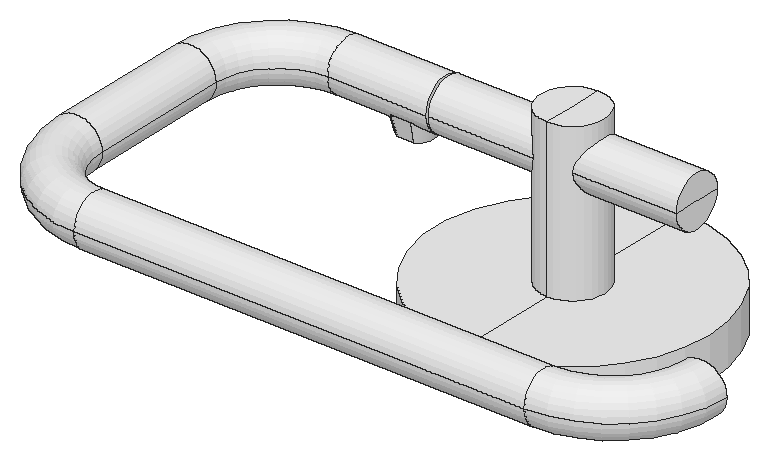
Revit family "Toilet Roll Holder-Single-Caroma Liano", category Specialty Equipment, host Face, Revit 2013
Parameters (values of type "Standard")
  URL = "http://www.caroma.com.au/"
  Type Comments = "Caroma Liano Toilet Roll Holder"  # constant formula
  Model = "96124C"  # constant formula
  Material_ANZRS = Metal-Chrome-Caroma
  Manufacturer = "GWA Bathrooms & Kitchens"  # constant formula
  Length_ANZRS = 147 mm  # constant formula
  Description = ""
  Default Elevation = 500 mm
  CreatedBy_ANZRS = "Design Content"  # constant formula
  CreatedByURL_ANZRS = "www.designcontent.com.au"
  Cost = 0
  Assembly Code = "C1030200"
Reference planes
  plane 1 "Center (Elevation)": y = 0
  plane 2 "Back": z = 0
  plane 3 "Center (Left/Right)": x = 0
  plane 4 "Left": x = -73.485
  plane 5 "Right": x = 73.515
  plane 6 "Bottom": y = -74.5
  plane 7 "Top": y = 29.966
  plane 8 "Front": z = 43
Forms (mm)
  Revolve 1, solid, material "Metal-Chrome-Caroma" <- "Material_ANZRS"
    sketch origin (0, 0, 0) x (0, 1, 0) y (0, 0, 1)
      loop
        line (0, 0) -> (29.966, 0) -> (29.966, 9) -> (6.966, 9) -> (6.966, 43) -> (0, 43) -> (0, 0)
      axis (0, 43) -> (0, 0)
    angle from 0 to 360
  Sweep 2, solid, material "Metal-Chrome-Caroma" <- "Material_ANZRS"
    path origin (0, 0, 0) x (1, 0, 0) y (0, 1, 0)
      loop
        line (-27.5, 0) -> (-48.985, 0)
        arc (-48.985, 0) -> (-62.42, -5.565) -> (-67.985, -19) r 19
        line (-67.985, -19) -> (-67.985, -50)
        arc (-67.985, -50) -> (-62.42, -63.435) -> (-48.985, -69) r 19
        line (-48.985, -69) -> (48.994, -69)
        arc (48.994, -69) -> (62.429, -63.435) -> (67.993, -50) r 19
    profile origin (-38.242, 0, 0) x (0, -1, 0) y (0, 0, 1)
      loop
        circle (0, 33.997) r 5.5
  Revolve 3, solid, material "Metal-Chrome-Caroma" <- "Material_ANZRS"
    sketch origin (0, 0, 33.997) x (1, 0, 0) y (0, 1, 0)
      loop
        line (27, 0) -> (27, 5.5) -> (-27, 5.5) -> (-27, 4) -> (-42, 4) -> (-42, 0) -> (27, 0)
      axis (-42, 0) -> (27, 0)
    angle from 0 to 360
  Blend 4, solid, material "Metal-Chrome-Caroma" <- "Material_ANZRS"
    base sketch origin (0, 0, 0) x (1, 0, 0) y (0, 1, 0)
      loop
        arc (-35.83, 3.099) -> (-37.619, 0) -> (-35.83, -3.099) r 3.579
        line (-35.83, -3.099) -> (-32.063, -3.099)
        arc (-32.063, -3.099) -> (-30.274, 0) -> (-32.063, 3.099) r 3.579
        line (-32.063, 3.099) -> (-35.83, 3.099)
    top sketch origin (0, 0, 0) x (1, 0, 0) y (0, 1, 0)
      loop
        arc (-36.194, 4.599) -> (-39.119, 0) -> (-36.194, -4.599) r 5.079
        line (-36.194, -4.599) -> (-31.698, -4.599)
        arc (-31.698, -4.599) -> (-28.774, 0) -> (-31.698, 4.599) r 5.079
        line (-31.698, 4.599) -> (-36.194, 4.599)
    from 26.003 to 31.5
Cuts and joins
  joined: Revolve 1, Sweep 2, Revolve 3, Blend 4
Dimensions and locks
  "Length_ANZRS": plane 4 "Left" to plane 5 "Right"
  aligned and locked: plane 2 "Back" to host face
  aligned and locked: level to host face
Automatic sketch dimensions
  host sketch curve to host sketch curve = 2438.4 mm  (x2)
  level to Sweep 2 sketch curve = 33.997 mm
  Sweep 2 sketch curve to profile plane = 0 mm
  Revolve 1 sketch curve to plane 8 "Front" = 0 mm
  Revolve 1 sketch curve to plane 7 "Top" = 0 mm
  level to Revolve 1 sketch curve = 9 mm
  Revolve 1 sketch curve to plane 1 "Center (Elevation)" = 0 mm  (x2)
  Revolve 1 sketch curve to level = 0 mm
  Revolve 1 sketch curve to plane 1 "Center (Elevation)" = 6.966 mm
  Revolve 1 sketch curve to Revolve 1 sketch curve = 24.096 mm
  Revolve 1 sketch curve to Revolve 1 sketch curve = 7.879 mm
  plane 1 "Center (Elevation)" to Sweep 2 sketch curve = 0 mm
  plane 4 "Left" to Sweep 2 sketch curve = 5.5 mm
  Sweep 2 sketch curve to plane 6 "Bottom" = 5.5 mm
  plane 4 "Left" to Sweep 2 sketch curve = 24.5 mm  (x2)
  Sweep 2 sketch curve to plane 5 "Right" = 24.521 mm
  Sweep 2 sketch curve to Sweep 2 sketch curve = 21.485 mm
  Sweep 2 sketch curve to plane 5 "Right" = 5.522 mm
  Sweep 2 sketch curve to Sweep 2 sketch curve = 0.001 mm
  plane 1 "Center (Elevation)" to Revolve 3 sketch curve = 0 mm  (x2)
  plane 4 "Left" to Revolve 3 sketch curve = 31.485 mm
  Revolve 3 sketch curve to plane 1 "Center (Elevation)" = 4 mm
  Revolve 3 sketch curve to Revolve 3 sketch curve = 15 mm
  Revolve 3 sketch curve to plane 1 "Center (Elevation)" = 5.5 mm
  plane 3 "Center (Left/Right)" to Revolve 3 sketch curve = 27 mm
  Revolve 3 sketch curve to Revolve 3 sketch curve = 3.885 mm
  Revolve 3 sketch curve to Revolve 3 sketch curve = 5.743 mm
  plane 1 "Center (Elevation)" to Blend 4 sketch curve = 3.099 mm
  Blend 4 sketch curve to plane 3 "Center (Left/Right)" = 35.83 mm
  Blend 4 sketch curve to plane 1 "Center (Elevation)" = 3.099 mm
  plane 1 "Center (Elevation)" to Blend 4 sketch curve = 0 mm  (x4)
  Blend 4 sketch curve to Blend 4 sketch curve = 3.767 mm
  Blend 4 sketch curve to Blend 4 sketch curve = 1.79 mm
  Blend 4 sketch curve to Blend 4 sketch curve = 0.187 mm  (x2)
  plane 1 "Center (Elevation)" to Blend 4 sketch curve = 4.599 mm
  Blend 4 sketch curve to plane 3 "Center (Left/Right)" = 36.194 mm
  Blend 4 sketch curve to plane 1 "Center (Elevation)" = 4.599 mm
  Blend 4 sketch curve to Blend 4 sketch curve = 4.497 mm
  Blend 4 sketch curve to Blend 4 sketch curve = 2.155 mm
  radius of Sweep 2 sketch curve = 5.5 mm
